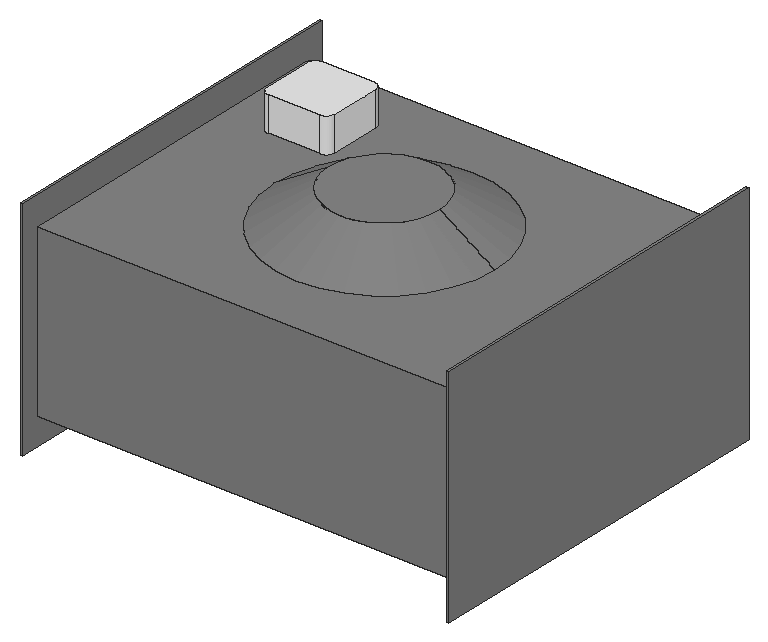
Revit family "НЕВАТОМ_Вентилятор VKP, версия 1", category Оборудование, Revit 2017
Family settings
  Размер круглого соединителя = Использовать диаметр
  Тип детали = Вставляется
  На основе рабочей плоскости = Нет
  Всегда вертикально = Да
  При загрузке вырезать с полостями = Нет
  Общий = Нет
  Точка расчета площади = Нет
Parameters (values of type "VKP 400-200/20-4E")
  крышка = СВМПЭ, белый
  Полное давление = 240.0 Pa
  Материал = Сталь серая
  Макс. расход воздуха = 1200.0 m³/h
  Ключевая пометка = "Вентиляция"
  Задание электрикам [instance] = no
  d2 = d1 / 2  # 130 mm
  d1 = A * 0.65  # 260 mm
  Nevatom_URL = "https://t.me/NEVATOM_Bim_bot"
  L = 505 mm
  H = 265 mm
  F = 240 mm
  E = 440 mm
  B = 200 mm
  ADSK_Частота вращения вентилятора = 1280
  ADSK_Ток = 1.52 A
  ADSK_Размер_Ширина = L  # 505 mm
  ADSK_Размер_Длина = E  # 440 mm
  ADSK_Размер_Высота = F  # 240 mm
  ADSK_Примечание = ""
  ADSK_Полная мощность = 0.33 kW
  ADSK_Позиция = ""
  ADSK_Напряжение = 230 V
  ADSK_Наименование = "Вентилятор канальный прямоугольный с вперед загнутыми лопатками"  # constant formula
  ADSK_Материал наименование = "Оцинкованная сталь"  # constant formula
  ADSK_Масса_Текст = "10"
  ADSK_Масса = 10
  ADSK_Марка = "VKP 400-200/20-4E"
  ADSK_Количество = 1  # constant formula
  ADSK_Код изделия = ""
  ADSK_Завод-изготовитель = "НЕВАТОМ"  # constant formula
  ADSK_Единица измерения = "шт."  # constant formula
  A = 400 mm
Types (13, lengths in mm): name | Полное давление | Макс. расход воздуха | d2 | d1 | L | H | F | E | B | ADSK_Частота вращения вентилятора | ADSK_Ток | ADSK_Размер_Ширина | ADSK_Размер_Длина | ADSK_Размер_Высота | ADSK_Полная мощность | ADSK_Напряжение | ADSK_Масса_Текст | ADSK_Масса | ADSK_Марка | A
  VKP 400-200/20-4E | 240.0 Pa | 1200.0 m³/h | 130 | 260 | 505 | 265 | 240 | 440 | 200 | 1280 | 1.52 A | 505 | 440 | 240 | 0.33 kW | 230 V | "10" | 10 | "VKP 400-200/20-4E" | 400
  VKP 400-200/20-4D | 255.0 Pa | 1200.0 m³/h | 130 | 260 | 505 | 265 | 240 | 440 | 200 | 1270 | 0.63 A | 505 | 440 | 240 | 0.33 kW | 380 V | "12" | 12 | "VKP 400-200/20-4D" | 400
  VKP 500-250/22-4E | 300.0 Pa | 1600.0 m³/h | 162.5 | 325 | 550 | 315 | 290 | 540 | 250 | 1320 | 2.3 A | 550 | 540 | 290 | 0.51 kW | 230 V | "18" | 18 | "VKP 500-250/22-4E" | 500
  VKP 500-250/22-4D | 310.0 Pa | 1800.0 m³/h | 162.5 | 325 | 550 | 315 | 290 | 540 | 250 | 1300 | 0.82 A | 550 | 540 | 290 | 0.49 kW | 380 V | "18" | 18 | "VKP 500-250/22-4D" | 500
  VKP 500-300/25-4E | 380.0 Pa | 2700.0 m³/h | 162.5 | 325 | 570 | 365 | 340 | 540 | 300 | 1330 | 4.1 A | 570 | 540 | 340 | 0.9 kW | 230 V | "21" | 21 | "VKP 500-300/25-4E" | 500
  VKP 500-300/25-4D | 410.0 Pa | 2950.0 m³/h | 162.5 | 325 | 570 | 365 | 340 | 540 | 300 | 1400 | 1.8 A | 570 | 540 | 340 | 0.87 kW | 380 V | "29" | 29 | "VKP 500-300/25-4D" | 500
  VKP 600-300/28-4E | 410.0 Pa | 2700.0 m³/h | 195 | 390 | 640 | 365 | 340 | 640 | 300 | 1360 | 7.3 A | 640 | 640 | 340 | 1.6 kW | 230 V | "28" | 28 | "VKP 600-300/28-4E" | 600
  VKP 600-300/28-4D | 450.0 Pa | 3500.0 m³/h | 195 | 390 | 640 | 365 | 340 | 640 | 300 | 1360 | 3.2 A | 640 | 640 | 340 | 1.7 kW | 380 V | "32" | 32 | "VKP 600-300/28-4D" | 600
  VKP 600-350/31-4D | 631.0 Pa | 4200.0 m³/h | 195 | 390 | 680 | 415 | 390 | 640 | 350 | 1360 | 4 A | 680 | 640 | 390 | 2.2 kW | 380 V | "38" | 38 | "VKP 600-350/31-4D" | 600
  VKP 700-400/35-4D | 760.0 Pa | 5600.0 m³/h | 227.5 | 455 | 745 | 475 | 440 | 740 | 400 | 1340 | 5.9 A | 745 | 740 | 440 | 3.5 kW | 380 V | "60" | 60 | "VKP 700-400/35-4D" | 700
  VKP 800-500/40-4D | 1000.0 Pa | 6500.0 m³/h | 260 | 520 | 815 | 575 | 560 | 860 | 500 | 1400 | 8 A | 815 | 860 | 560 | 4.8 kW | 380 V | "75" | 75 | "VKP 800-500/40-4D" | 800
  VKP 900-500/45-6D | 695.0 Pa | 7500.0 m³/h | 292.5 | 585 | 905 | 575 | 560 | 960 | 500 | 930 | 6 A | 905 | 960 | 560 | 3.5 kW | 380 V | "80" | 80 | "VKP 900-500/45-6D" | 900
  VKP 1000-500/50-6D | 900.0 Pa | 8500.0 m³/h | 325 | 650 | 905 | 575 | 560 | 1060 | 500 | 900 | 7.5 A | 905 | 1060 | 560 | 4.4 kW | 380 V | "98" | 98 | "VKP 1000-500/50-6D" | 1000
Reference planes
  plane 1 "По центру (Вперед/Назад)": y = 0
  plane 2: z = 0
  plane 3 "По центру (Влево/Вправо)": x = 0
  plane 4: y = 200
  plane 5: y = 220
  plane 6: z = 132.5
  plane 7: z = 100
  plane 8: y = -200
  plane 9: y = -220
  plane 10: z = -132.5
  plane 11: z = -100
  plane 12: x = -252.5
  plane 13: x = 252.5
  plane 14: x = -249.5
  plane 15: x = 249.5
  plane 16: x = -202.5
  plane 17: y = 150
  plane 18: y = 70
  plane 19: x = -122.5
  plane 20: z = 140
Forms (mm)
  Extrusion 1, void, not visible
    sketch origin (-345, -245, 50) x (0, -1, 0) y (0, 0, -1)
      loop
        line (-477.965, -475) -> (-477.965, -450) -> (-528.913, -450) -> (-528.913, -475) -> (-477.965, -475)
    from -47.452 to 12
  Extrusion 2, solid, material "Сталь серая" <- "Материал"
    sketch origin (0, 0, 0) x (0, 1, 0) y (0, 0, 1)
      loop
        line (200, 100) -> (-200, 100) -> (-200, -100) -> (200, -100) -> (200, 100)
    from -252.5 to 252.5
  Extrusion 3, solid, material "Сталь серая" <- "Материал"
    sketch origin (0, 0, 0) x (0, 1, 0) y (0, 0, 1)
      loop
        line (220, 132.5) -> (-220, 132.5) -> (-220, -132.5) -> (220, -132.5) -> (220, 132.5)
    from 249.5 to 252.5
  Extrusion 4, solid, material "Сталь серая" <- "Материал"
    sketch origin (0, 0, 0) x (0, 1, 0) y (0, 0, -1)
      loop
        line (220, -132.5) -> (220, 132.5) -> (-220, 132.5) -> (-220, -132.5) -> (220, -132.5)
    from 249.5 to 252.5
  Extrusion 5, solid, material "СВМПЭ, белый" <- "крышка"
    sketch origin (0, 0, 0) x (1, 0, 0) y (0, 1, 0)
      loop
        arc (-192.5, 150) -> (-199.571, 147.071) -> (-202.5, 140) r 10
        line (-202.5, 140) -> (-202.5, 80)
        arc (-202.5, 80) -> (-199.571, 72.929) -> (-192.5, 70) r 10
        line (-192.5, 70) -> (-132.5, 70)
        arc (-132.5, 70) -> (-125.429, 72.929) -> (-122.5, 80) r 10
        line (-122.5, 80) -> (-122.5, 140)
        arc (-122.5, 140) -> (-125.429, 147.071) -> (-132.5, 150) r 10
        line (-132.5, 150) -> (-192.5, 150)
    from 100 to 140
  Blend 6, solid, material "Сталь серая" <- "Материал"
    base sketch origin (0, 0, 0) x (1, 0, 0) y (0, 1, 0)
      loop
        circle (0, 0) r 130
    top sketch origin (0, 0, 0) x (1, 0, 0) y (0, 1, 0)
      loop
        circle (0, 0) r 65
    from 100 to 140
Cuts and joins
  joined: Extrusion 2, Extrusion 3, Extrusion 4
Lines and regions (mm)
  model lines, not visible, detail levels coarse
    curve 1: circle (0, 0, 0) r 135 normal (0, 0, 1)
    curve 2: line (-135, 0, 0) -> (43.681, 127.738, 0)
    curve 3: line (-135, 0, 0) -> (43.681, -127.738, 0)
    curve 4: line (43.681, 127.738, 0) -> (43.681, -127.738, 0)
  model lines, not visible, detail levels medium
    curve 5: circle (0, 0, 0) r 90 normal (0, -1, 0)
    curve 6: line (-90, 0, 0) -> (39.046, 0, 81.089)
    curve 7: line (-90, 0, 0) -> (39.046, 0, -81.089)
    curve 8: line (39.046, 0, 81.089) -> (39.046, 0, -81.089)
Dimensions and locks
  equal spacing: plane 10, level, plane 6
  "H": plane 10 to plane 6
  "B": plane 7 to plane 11
  equal spacing: plane 11, level, plane 7
  equal spacing: plane 4, plane 1 "По центру (Вперед/Назад)", plane 8
  "A": plane 4 to plane 8
  equal spacing: plane 5, plane 1 "По центру (Вперед/Назад)", plane 9
  "E": plane 5 to plane 9
  equal spacing: plane 12, plane 3 "По центру (Влево/Вправо)", plane 13
  "L": plane 12 to plane 13
  locked: plane 12 to plane 14 at 3
  locked: plane 15 to plane 13 at 3
  locked: plane 12 to plane 16 at 50
  locked: plane 16 to plane 19 at 80
  locked: plane 17 to plane 4 at 50
  locked: plane 17 to plane 18 at 80
  cut or joined group of Extrusion 2, Extrusion 3, Extrusion 4 to plane 16 = 47 mm
  locked: plane 20 to plane 7 at 40
  plane 3 "По центру (Влево/Вправо)" to Extrusion 5 = 202.5 mm
  "d1": diameter of Blend 6 sketch curve
  "d2": diameter of Blend 6 sketch curve
  aligned and locked: level to plane 2
  aligned and locked: plane 7 to Extrusion 2 sketch curve
  aligned and locked: Extrusion 2 sketch curve to plane 4
  aligned and locked: plane 11 to Extrusion 2 sketch curve
  aligned and locked: Extrusion 2 sketch curve to plane 8
  aligned and locked: plane 6 to Extrusion 3 sketch curve
  aligned and locked: Extrusion 3 sketch curve to plane 5
  aligned and locked: plane 10 to Extrusion 3 sketch curve
  aligned and locked: Extrusion 3 sketch curve to plane 9
  aligned and locked: Extrusion 3 to plane 13
  aligned and locked: Extrusion 3 to Extrusion 2
  aligned and locked: plane 12 to Extrusion 2
  aligned and locked: Extrusion 4 to Extrusion 2
  aligned and locked: Extrusion 3 to plane 15
  aligned and locked: plane 14 to Extrusion 4
  aligned and locked: Extrusion 5 sketch curve to plane 17
  aligned and locked: plane 16 to Extrusion 5 sketch curve
  aligned and locked: plane 18 to Extrusion 5 sketch curve
  aligned and locked: Extrusion 5 sketch curve to plane 19
  aligned and locked: plane 20 to Extrusion 5
  aligned and locked: Extrusion 5 to plane 7
  aligned and locked: Extrusion 5 to cut or joined group of Extrusion 2, Extrusion 3, Extrusion 4
  aligned and locked: Blend 6 to Extrusion 5
  aligned and locked: Blend 6 to plane 7
  aligned and locked: nested 2 to Blend 6
Automatic sketch dimensions
  Extrusion 4 sketch curve to plane 6 = 0 mm
  Extrusion 4 sketch curve to plane 9 = 0 mm
  Extrusion 4 sketch curve to plane 5 = 0 mm
  plane 10 to Extrusion 4 sketch curve = 0 mm
  plane 16 to Extrusion 5 sketch curve = 10 mm
  Extrusion 5 sketch curve to Extrusion 5 sketch curve = 10 mm
  Extrusion 5 sketch curve to plane 19 = 10 mm
  Extrusion 5 sketch curve to plane 17 = 10 mm
  plane 1 "По центру (Вперед/Назад)" to Blend 6 sketch curve = 0 mm  (x2)
  Blend 6 sketch curve to plane 3 "По центру (Влево/Вправо)" = 0 mm  (x2)
Nested families
  nested 1: "крепление 15мм" at (-330, 229.965, 495), type "крепление 15мм", not visible
  nested 2: "НЕВАТОМ_QR-D_1" at (2, 0, 140), type "100", not visible
Connectors
  hvac at (-252.5, 0, 0), driven by "B", driven by "A"
    settings: on cut or joined group of Extrusion 2, Extrusion 3, Extrusion 4, index 1, duct flow 0.0 m³/h, flow factor 0, pres drop 0.0 Pa, loss coef 0, conn angle 0.00°, conn width 400 mm, conn height 200 mm, conn diameter 609.6 mm, duct sys type 29, conn prof type 1, flow config 0, flow direction 0, loss method 0, conn ref index 2, conn util no, is conn primary yes, conn desc ""
  hvac at (252.5, 0, 0), driven by "B", driven by "A"
    settings: on cut or joined group of Extrusion 2, Extrusion 3, Extrusion 4, index 2, duct flow 0.0 m³/h, flow factor 0, pres drop 0.0 Pa, loss coef 0, conn angle 0.00°, conn width 400 mm, conn height 200 mm, conn diameter 609.6 mm, duct sys type 29, conn prof type 1, flow config 0, flow direction 0, loss method 0, conn ref index 1, conn util no, is conn primary no, conn desc ""
Definition of nested family "крепление 15мм"
  Parameters (values of type "крепление 15мм")
    Материал крепления = none
  Reference planes
    plane 1 "По центру (Вперед/Назад)": y = 0
    plane 2: z = 0
    plane 3 "По центру (Влево/Вправо)": x = 0
  Forms (mm)
    Extrusion 1, solid, material <- "Материал крепления"
      sketch origin (0, 0, 0) x (1, 0, 0) y (0, 1, 0)
        loop
          line (-25, 0) -> (0, 0) -> (0, 18.31) -> (0, 25) -> (-3, 25) -> (-3, 3) -> (-25, 3) -> (-25, 0)
      from 0 to 30
    Extrusion 2, void
      sketch origin (0, 0, 0) x (1, 0, 0) y (0, 1, 0)
        loop
          line (-3, 3) -> (-3, 54.96) -> (-58, 54.96) -> (-58, 3) -> (-3, 3)
      from 0 to 15
  Cuts and joins
    Extrusion 2 cuts Extrusion 1
  Dimensions and locks
    Extrusion 1 sketch curve to Extrusion 1 sketch curve = 3 mm  (x2)
    Extrusion 1 sketch curve to Extrusion 1 sketch curve to plane 3 "По центру (Влево/Вправо)" = 25 mm, 0 mm
    Extrusion 1 sketch curve to Extrusion 1 sketch curve = 25 mm
    aligned and locked: level to plane 2
Definition of nested family "НЕВАТОМ_QR-D_1"
  Parameters (values of type "60")
    Nevatom_Logo_Perspective = none
    L = 1 mm
    D = 60 mm
  Types (7, lengths in mm): name | D
    (no name) | 60
    6,3 | 6.3
    10 | 10
    20 | 20
    40 | 40
    60 | 60
    100 | 100
  Reference planes
    plane 1 "По центру (Вперед/Назад)": y = 0
    plane 2: z = 0
    plane 3 "По центру (Влево/Вправо)": x = 0
  Forms (mm)
    Extrusion 1, solid, material <- "Nevatom_Logo_Perspective"
      sketch origin (0, 0, 0) x (1, 0, 0) y (0, 1, 0)
        loop
          circle (0, 0) r 30
      from 0 to 1 <- "L"
  Dimensions and locks
    "D": diameter of Extrusion 1 sketch curve
    aligned and locked: level to plane 2
  Automatic sketch dimensions
    plane 1 "По центру (Вперед/Назад)" to Extrusion 1 sketch curve = 0 mm
    Extrusion 1 sketch curve to plane 3 "По центру (Влево/Вправо)" = 0 mm
